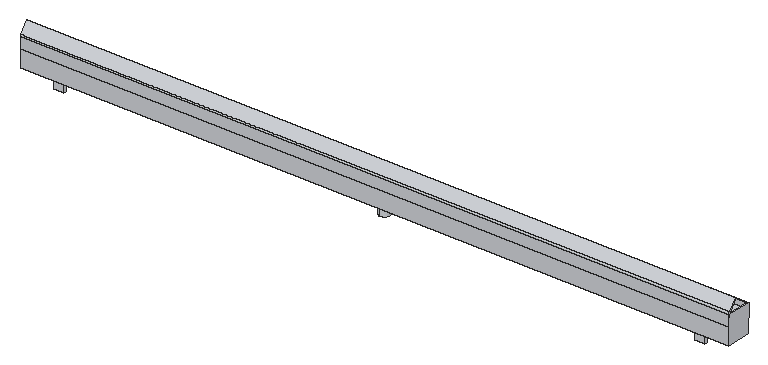
Revit family "Alcon-13150-V 44 inches-Revit-Family", category Lighting Fixtures, host Face, Revit 2025
Family settings
  Host = Face
  Round Connector Dimension = Use Diameter
  Part Type = Normal
  Cut with Voids When Loaded = No
  Light Source = Yes
  Maintain Annotation Orientation = No
  Shared = No
  Room Calculation Point = No
Parameters
  Wattage = 9.2903 W
  built-in parameter 1150110 = 1 (stored number, unit not read)
  URL = "https://www.alconlighting.com/"
  built-in parameter 1114217 = 1 (stored number, unit not read)
  built-in parameter 1150109 = 1 (stored number, unit not read)
  built-in parameter 1150134 = 3
  built-in parameter 1150113 = 1 (stored number, unit not read)
  Product Page = "https://www.alconlighting.com/13150-v.html"
  Model = "Alcon 13150-V"
  Manufacturer = "Alcon Lighting"
  built-in parameter 1150105 = 439.27 (stored number, unit not read)
  Lumens = 1380 lm
  built-in parameter 1150115 = 1 (stored number, unit not read)
  Light Source Symbol Size = 2' - 0"
  built-in parameter 1150137 = (empty or 0)
  built-in parameter 1150139 = (empty or 0)
  Length = 3' - 8 3/4"
  built-in parameter 1150112 = 1 (stored number, unit not read)
  built-in parameter 1150114 = 1 (stored number, unit not read)
  built-in parameter 1150132 = (empty or 0)
  built-in parameter 1150102 = (empty or 0)
  built-in parameter 1150107 = 3200 (stored number, unit not read)
  built-in parameter 1150138 = (empty or 0)
  built-in parameter 1150106 = 4.3927 (stored number, unit not read)
  Emit from Line Length = 2' - 0"
  built-in parameter 1150104 = 13.8 (stored number, unit not read)
  Dimming Lamp Color Temperature Shift = (empty or 0)
  Default Elevation = 4' - 0"
  Color Filter = 16777215
  built-in parameter 1114218 = 1 (stored number, unit not read)
  built-in parameter 1150133 = 10 (stored number, unit not read)
Reference planes (in)
  plane 1 "Center (Front/Back)": y = 0
  plane 2: z = 0
  plane 3 "Center (Left/Right)": x = 0
  plane 4 "Left Grip": x = 2.4492
Forms (in)
  Extrusion 1, solid
    sketch origin (0, 0, 0) x (0, 1, 0) y (0, 0, 1)
      loop
        line (0.75, 0.6875) -> (0.75, 2.4375) -> (-0.75, 2.4375) -> (-0.75, 0.6875) -> (0.75, 0.6875)
    from 0 to 44.75
  Extrusion 2, solid
    sketch origin (11.25, 0.75, 0) x (0, -1, 0) y (1, 0, 0)
      loop
        circle (0.75, 11.125) r 0.34699
    from 0 to 0.6875
  Extrusion 3, solid
    sketch origin (0, 0, 0) x (1, 0, 0) y (0, 1, 0)
      loop
        line (0.07065, 0.6875) -> (0.07065, -0.6875) -> (44.68664, -0.6875) -> (44.68664, 0.6875) -> (0.07065, 0.6875)
    from 2.09676 to 2.15926
  Extrusion 4, solid
    sketch origin (2.4492, 0, 0) x (0, -1, 0) y (0, 0, 1)
      loop
        line (-0.5, 0.6875) -> (-0.5, 0.58696) -> (-0.39894, 0.58696) -> (-0.39894, 0) -> (-0.27394, 0) -> (-0.27394, 0.58696) -> (0.27394, 0.58696) -> (0.27394, 0) -> (0.39894, 0) -> (0.39894, 0.58696) -> (0.5, 0.58696) -> (0.5, 0.6875) -> (-0.5, 0.6875)
    from 0 to 0.625
  Extrusion 5, solid
    sketch origin (20.0508, 0, 0) x (0, 1, 0) y (0, 0, 1)
      loop
        line (0.5, 0.6875) -> (-0.5, 0.6875) -> (-0.5, 0.58696) -> (-0.39894, 0.58696) -> (-0.39894, 0) -> (-0.27394, 0) -> (-0.27394, 0.58696) -> (0.27394, 0.58696) -> (0.27394, 0) -> (0.39894, 0) -> (0.39894, 0.58696) -> (0.5, 0.58696) -> (0.5, 0.6875)
    from 22.25 to 22.875
  Extrusion 6, solid
    sketch origin (0, 0, 0) x (0, 1, 0) y (0, 0, 1)
      loop
        arc (-0.75, 2.44638) -> (-0.7393, 2.50704) -> (-0.7085, 2.56039) r 0.17736
        line (-0.7085, 2.56039) -> (-0.20719, 3.15783) -> (-0.23113, 3.17792) -> (-0.73244, 2.58048)
        arc (-0.73244, 2.58048) -> (-0.76867, 2.51773) -> (-0.78125, 2.44638) r 0.20861
        line (-0.78125, 2.44638) -> (-0.78125, 1.79494) -> (-0.75, 1.79494) -> (-0.75, 2.44638)
    from 0 to 44.75
  Extrusion 7, void
    sketch origin (0, 0, 0) x (0, 1, 0) y (0, 0, 1)
      loop
        line (-0.6875, 0.75) -> (0.6875, 0.75) -> (0.6875, 2.4375) -> (-0.6875, 2.4375) -> (-0.6875, 0.75)
    from 0.07065 to 44.68664
Cuts and joins
  Extrusion 7 cuts Extrusion 1
Dimensions and locks (in)
  locked: Extrusion 4 to plane 4 "Left Grip" at 0.625
  "Length": plane 3 "Center (Left/Right)" to Extrusion 1
  locked: plane 3 "Center (Left/Right)" to Extrusion 3 sketch curve at 0.07065
  locked: Extrusion 3 sketch curve to Extrusion 1 at 0.06336
  equal spacing: plane 3 "Center (Left/Right)", Extrusion 2 sketch curve, Extrusion 1
  Extrusion 5 to Extrusion 5 to Extrusion 1 = 0' - 0 5/8" locked, 0' - 1 211/256" locked
  "Length": plane 3 "Center (Left/Right)" to Extrusion 6
  locked: plane 3 "Center (Left/Right)" to cut or joined group of Extrusion 1, Extrusion 7 at 0.07065
  locked: cut or joined group of Extrusion 1, Extrusion 7 to cut or joined group of Extrusion 1, Extrusion 7 at 0.06336
  aligned and locked: plane 2 to host face
  aligned and locked: level to host face
  aligned and locked: Extrusion 1 to plane 3 "Center (Left/Right)"
Automatic sketch dimensions
  host sketch curve to host sketch curve = 8' - 0"  (x2)
  plane 1 "Center (Front/Back)" to Extrusion 1 sketch curve = 0' - 0 3/4"
  Extrusion 1 sketch curve to plane 1 "Center (Front/Back)" = 0' - 0 3/4"
  level to Extrusion 1 sketch curve = 0' - 0 11/16"
  Extrusion 1 sketch curve to Extrusion 1 sketch curve = 0' - 1 3/4"
  plane 1 "Center (Front/Back)" to Extrusion 3 sketch curve = 0' - 0 11/16"
  Extrusion 3 sketch curve to plane 1 "Center (Front/Back)" = 0' - 0 11/16"
  Extrusion 4 sketch curve to level = 0' - 0"  (x2)
  Extrusion 4 sketch curve to plane 1 "Center (Front/Back)" = 0' - 0 1/2"
  Extrusion 4 sketch curve to Extrusion 4 sketch curve = 0' - 0.10106"  (x2)
  Extrusion 4 sketch curve to Extrusion 4 sketch curve = 0' - 0 1/8"  (x2)
  plane 1 "Center (Front/Back)" to Extrusion 4 sketch curve = 0' - 0.27394"
  level to Extrusion 4 sketch curve = 0' - 0.58696"
  Extrusion 4 sketch curve to Extrusion 4 sketch curve = 0' - 0"  (x2)
  Extrusion 4 sketch curve to Extrusion 4 sketch curve = 0' - 0.10054"
  Extrusion 5 sketch curve to level = 0' - 0"  (x2)
  plane 1 "Center (Front/Back)" to Extrusion 5 sketch curve = 0' - 0 1/2"
  Extrusion 5 sketch curve to Extrusion 5 sketch curve = 0' - 0.10106"  (x2)
  Extrusion 5 sketch curve to Extrusion 5 sketch curve = 0' - 0 1/8"  (x2)
  Extrusion 5 sketch curve to plane 1 "Center (Front/Back)" = 0' - 0.27394"
  level to Extrusion 5 sketch curve = 0' - 0.58696"
  Extrusion 5 sketch curve to Extrusion 5 sketch curve = 0' - 0"  (x2)
  Extrusion 5 sketch curve to Extrusion 5 sketch curve = 0' - 0.10054"
  plane 1 "Center (Front/Back)" to Extrusion 2 sketch curve = 0' - 0"
  Extrusion 6 sketch curve to Extrusion 6 sketch curve = 0' - 0"  (x2)
  plane 1 "Center (Front/Back)" to Extrusion 6 sketch curve = 0' - 0 25/32"
  Extrusion 6 sketch curve to Extrusion 6 sketch curve = 0' - 0 1/32"
  Extrusion 6 sketch curve to Extrusion 6 sketch curve = 0' - 0.01756"
  Extrusion 6 sketch curve to Extrusion 6 sketch curve = 0' - 0.02394"  (x2)
  Extrusion 6 sketch curve to Extrusion 6 sketch curve = 0' - 0.13587"
  plane 1 "Center (Front/Back)" to Extrusion 6 sketch curve = 0' - 0.23113"
  level to Extrusion 6 sketch curve = 0' - 1.79494"
  Extrusion 6 sketch curve to Extrusion 6 sketch curve = 0' - 0.65144"
  plane 1 "Center (Front/Back)" to Extrusion 7 sketch curve = 0' - 0 11/16"
  Extrusion 7 sketch curve to plane 1 "Center (Front/Back)" = 0' - 0 11/16"
  level to Extrusion 7 sketch curve = 0' - 0 3/4"
  Extrusion 7 sketch curve to Extrusion 7 sketch curve = 0' - 1 11/16"
  radius of Extrusion 2 sketch curve = 0' - 0.34699"
